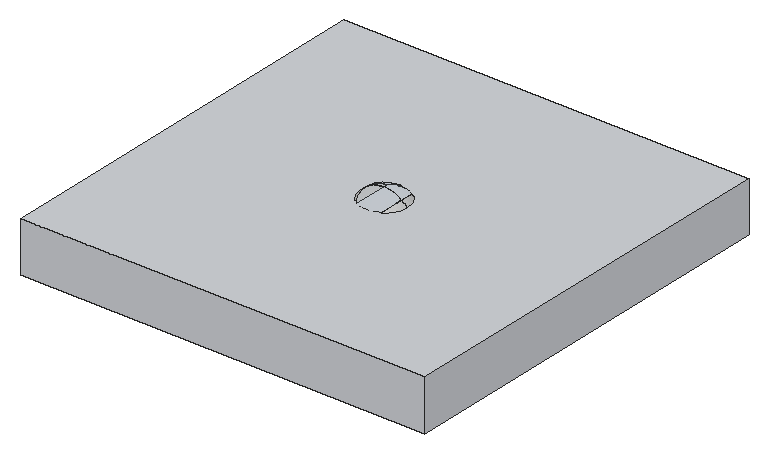
Revit family "GALAD Раунд LED", category Осветительные приборы, Revit 2018 (continued)
Types (3, lengths in mm): name | Файл фотометрической сетки | built-in parameter 1150142 | URL | IP | ADSK_Наименование краткое | ADSK_Наименование | ADSK_Марка | ADSK_Код изделия
  GALAD Раунд LED-9 ECO IP30 | "svetilnik GALAD raund LED-9 ECO IP30.ies" | "IESNA:LM-63-1995\r\n[TEST] Протокол №299R/20, ПАС\r\r\n[DATA]11.09.2020\r\r\n[MANUFAC] GALAD\r\r\n[LUMCAT]  \r\n[LUMINAIRE] Раунд LED-9 ECO IP30\r\r\n[LAMPCAT] \r\r\n[LAMP] LED 9 Вт \r\r\nTILT=NONE\r\n1     820 0.820 73 145 1 2 0.275 0.275 0.061\r\n1.0 1.0 9\r\n0.0 2.5 5.0 7.5 10.0 12.5 15.0 17.5 20.0 22.5 25.0 27.5 30.0 32.5 35.0 37.5 40.0 42.5 45.0 47.5 50.0 52.5 55.0 57.5 60.0 62.5 65.0 67.5 70.0 72.5 75.0 77.5 80.0 82.5 85.0 87.5 90.0 92.5 95.0 97.5 100.0 102.5 105.0 107.5 110.0 112.5 115.0 117.5 120.0 122.5 125.0 127.5 130.0 132.5 135.0 137.5 140.0 142.5 145.0 147.5 150.0 152.5 155.0 157.5 160.0 162.5 165.0 167.5 170.0 172.5 175.0 177.5 180.0\r\n0.0 2.5 5.0 7.5 10.0 12.5 15.0 17.5 20.0 22.5 25.0 27.5 30.0 32.5 35.0 37.5 40.0 42.5 45.0 47.5 50.0 52.5 55.0 57.5 60.0 62.5 65.0 67.5 70.0 72.5 75.0 77.5 80.0 82.5 85.0 87.5 90.0 92.5 95.0 97.5 100.0 102.5 105.0 107.5 110.0 112.5 115.0 117.5 120.0 122.5 125.0 127.5 130.0 132.5 135.0 137.5 140.0 142.5 145.0 147.5 150.0 152.5 155.0 157.5 160.0 162.5 165.0 167.5 170.0 172.5 175.0 177.5 180.0 182.5 185.0 187.5 190.0 192.5 195.0 197.5 200.0 202.5 205.0 207.5 210.0 212.5 215.0 217.5 220.0 222.5 225.0 227.5 230.0 232.5 235.0 237.5 240.0 242.5 245.0 247.5 250.0 252.5 255.0 257.5 260.0 262.5 265.0 267.5 270.0 272.5 275.0 277.5 280.0 282.5 285.0 287.5 290.0 292.5 295.0 297.5 300.0 302.5 305.0 307.5 310.0 312.5 315.0 317.5 320.0 322.5 325.0 327.5 330.0 332.5 335.0 337.5 340.0 342.5 345.0 347.5 350.0 352.5 355.0 357.5 360.0\r\n332.61 334.32 333.10 330.90 328.34 324.80 320.65 315.65 310.03 304.06 297.47 290.15 282.22 273.55 264.65 255.13 245.00 234.14 223.16 211.45 199.37 187.05 174.11 160.81 147.51 133.97 120.18 106.64 93.46 80.65 68.45 57.10 46.85 37.58 29.53 22.57 16.72 11.84 7.93 5.00 2.93 1.59 0.85 0.37 0.12 0.12 0.00 0.12 0.12 0.12 0.12 0.12 0.00 0.00 0.00 0.00 0.00 0.00 0.00 0.00 0.12 0.12 0.12 0.12 0.12 0.12 0.12 0.24 0.24 0.00 0.00 0.00 0.00 \r\n332.61 334.32 333.10 331.02 328.46 324.68 320.65 315.65 310.16 304.42 297.59 290.27 282.34 273.67 264.65 254.88 244.76 234.02 222.80 211.20 199.13 186.68 173.75 160.69 147.39 133.85 120.18 106.52 93.10 80.16 68.08 56.74 46.36 37.21 29.16 22.21 16.35 11.47 7.69 4.88 2.81 1.59 0.85 0.37 0.12 0.00 0.00 0.00 0.12 0.12 0.12 0.12 0.00 0.00 0.00 0.00 0.00 0.00 0.00 0.00 0.12 0.12 0.12 0.12 0.12 0.12 0.12 0.24 0.24 0.12 0.00 0.00 0.00 \r\n332.61 334.32 332.97 331.02 328.46 324.80 320.65 315.89 310.40 304.18 296.98 289.66 281.85 273.06 263.91 254.03 243.90 233.53 222.19 210.72 198.52 186.07 173.26 160.08 146.90 133.36 119.57 105.91 92.73 79.92 67.72 56.49 46.24 37.21 29.16 22.33 16.47 11.59 7.81 5.00 2.93 1.59 0.85 0.37 0.12 0.00 0.00 0.00 0.00 0.12 0.12 0.12 0.00 0.00 0.00 0.00 0.00 0.00 0.00 0.00 0.12 0.12 0.12 0.12 0.12 0.12 0.12 0.24 0.24 0.12 0.00 0.00 0.00 \r\n332.61 334.32 332.85 330.90 328.34 324.80 320.41 315.65 309.79 303.32 296.25 288.80 280.87 272.33 263.18 253.54 243.54 232.92 221.82 210.35 198.52 186.07 173.26 160.08 146.66 133.24 119.57 105.91 92.61 79.92 67.72 56.49 46.24 37.09 29.16 22.21 16.35 11.59 7.69 4.88 2.93 1.59 0.85 0.37 0.12 0.00 0.00 0.00 0.00 0.12 0.12 0.12 0.00 0.00 0.00 0.00 0.00 0.00 0.00 0.00 0.12 0.12 0.12 0.12 0.12 0.12 0.12 0.24 0.24 0.12 0.00 0.00 0.00 \r\n332.61 334.32 332.85 330.78 328.21 324.55 319.80 314.67 308.69 302.35 295.39 288.07 280.39 272.09 263.06 253.54 243.54 233.04 222.19 210.47 198.52 186.07 173.14 160.08 146.66 132.87 119.33 105.66 92.49 79.80 67.60 56.49 46.24 37.09 29.16 22.21 16.35 11.59 7.81 5.00 2.93 1.59 0.85 0.37 0.12 0.00 0.00 0.00 0.00 0.00 0.12 0.12 0.00 0.00 0.00 0.00 0.00 0.00 0.00 0.00 0.12 0.12 0.12 0.12 0.12 0.12 0.12 0.24 0.24 0.12 0.00 0.00 0.00 \r\n332.61 334.19 332.85 330.78 327.97 323.94 319.19 313.94 308.08 301.98 295.64 288.44 280.63 272.21 263.18 253.42 243.42 233.04 222.06 210.23 198.27 185.95 173.26 160.08 146.66 132.99 119.33 105.66 92.49 79.67 67.60 56.37 46.12 37.09 29.04 22.08 16.35 11.47 7.69 4.88 2.93 1.59 0.85 0.37 0.12 0.00 0.00 0.00 0.00 0.00 0.00 0.00 0.00 0.00 0.00 0.00 0.00 0.00 0.00 0.00 0.12 0.12 0.12 0.12 0.12 0.12 0.12 0.24 0.24 0.12 0.00 0.00 0.00 \r\n332.61 334.19 332.85 330.78 327.60 323.33 318.58 313.45 308.08 301.86 295.27 288.32 280.51 272.09 262.94 253.30 243.29 232.56 221.45 209.98 197.90 185.34 172.53 159.47 146.05 132.63 119.08 105.54 92.24 79.43 67.47 56.25 46.12 37.09 29.04 22.21 16.35 11.59 7.81 5.00 2.93 1.59 0.85 0.37 0.12 0.00 0.00 0.00 0.00 0.00 0.00 0.00 0.00 0.00 0.00 0.00 0.00 0.00 0.00 0.00 0.12 0.12 0.12 0.12 0.12 0.12 0.12 0.24 0.24 0.12 0.00 0.00 0.00 \r\n332.61 334.07 332.85 330.66 327.12 322.85 318.21 313.21 308.20 301.86 295.15 288.19 280.26 271.72 262.57 253.05 243.05 232.31 221.33 209.86 197.66 185.09 172.40 159.35 145.81 132.38 118.72 105.18 92.00 79.43 67.35 56.25 46.12 36.97 29.04 22.08 16.23 11.47 7.81 4.88 2.93 1.59 0.85 0.37 0.12 0.12 0.00 0.00 0.00 0.00 0.00 0.00 0.00 0.00 0.00 0.00 0.00 0.00 0.00 0.00 0.12 0.12 0.12 0.12 0.12 0.12 0.12 0.24 0.24 0.12 0.00 0.00 0.00 \r\n332.61 333.95 332.85 330.41 326.51 322.36 317.97 313.09 307.84 301.74 295.15 287.95 279.78 271.36 262.45 252.81 242.81 232.19 221.21 209.37 197.42 185.09 172.16 158.98 145.68 132.26 118.60 105.05 91.88 79.19 67.11 56.00 45.88 36.97 29.16 22.21 16.47 11.71 7.93 5.00 2.93 1.59 0.85 0.37 0.12 0.12 0.00 0.00 0.00 0.00 0.00 0.00 0.00 0.00 0.00 0.00 0.00 0.00 0.00 0.12 0.12 0.12 0.12 0.12 0.12 0.12 0.12 0.24 0.24 0.12 0.00 0.00 0.00 \r\n332.61 333.95 332.85 330.04 326.14 322.11 317.84 313.09 307.72 301.62 294.91 287.58 279.41 270.87 262.21 252.81 242.68 232.07 220.97 209.25 197.29 184.73 171.92 158.86 145.68 132.02 118.47 105.05 91.88 79.19 67.23 56.13 46.00 36.97 29.04 22.21 16.35 11.59 7.81 5.00 2.93 1.71 0.85 0.37 0.12 0.12 0.00 0.00 0.00 0.00 0.00 0.12 0.00 0.00 0.00 0.00 0.00 0.00 0.00 0.12 0.12 0.24 0.12 0.12 0.12 0.12 0.12 0.24 0.24 0.12 0.00 0.00 0.00 \r\n332.61 333.95 332.73 329.56 325.77 321.87 317.84 313.21 307.72 301.37 294.66 287.46 279.41 270.99 262.08 252.57 242.56 231.95 220.60 209.13 197.05 184.61 171.92 158.86 145.44 131.90 118.35 105.05 91.88 79.06 67.11 56.13 46.12 37.09 29.16 22.33 16.47 11.71 7.93 5.12 3.05 1.71 0.85 0.37 0.12 0.12 0.12 0.12 0.00 0.00 0.12 0.12 0.00 0.00 0.00 0.00 0.00 0.00 0.00 0.12 0.24 0.37 0.24 0.12 0.12 0.12 0.12 0.24 0.24 0.12 0.00 0.00 0.00 \r\n332.61 333.83 332.61 329.19 325.41 321.75 317.72 313.21 307.59 301.37 294.78 287.58 279.65 271.11 262.08 252.44 242.44 231.70 220.60 209.01 196.93 184.61 171.92 158.74 145.07 131.77 118.23 104.81 91.63 79.06 67.11 56.13 46.12 37.09 29.16 22.21 16.47 11.71 7.93 5.00 3.05 1.71 0.85 0.49 0.24 0.12 0.12 0.12 0.00 0.00 0.12 0.12 0.00 0.00 0.00 0.00 0.00 0.00 0.00 0.12 0.49 0.61 0.37 0.24 0.12 0.12 0.12 0.24 0.24 0.12 0.00 0.00 0.00 \r\n332.61 333.83 332.36 328.82 325.29 321.50 317.60 313.09 307.47 301.25 294.91 287.58 279.65 270.87 261.96 252.32 242.32 231.82 220.48 208.89 196.81 184.36 171.55 158.62 145.07 131.53 117.99 104.57 91.51 78.94 66.99 56.00 46.00 37.09 29.16 22.33 16.59 11.84 8.05 5.12 3.05 1.71 0.98 0.49 0.24 0.12 0.12 0.12 0.00 0.00 0.12 0.12 0.00 0.00 0.00 0.00 0.00 0.00 0.00 0.24 0.61 0.85 0.49 0.24 0.12 0.12 0.12 0.24 0.24 0.12 0.00 0.00 0.00 \r\n332.61 333.83 332.12 328.58 325.29 321.50 317.60 312.84 307.11 301.13 294.66 287.34 279.41 270.87 261.84 252.08 242.20 231.70 220.60 209.01 196.81 184.36 171.55 158.49 144.95 131.65 118.23 104.81 91.63 79.06 67.11 56.13 46.12 37.09 29.16 22.33 16.59 11.84 8.05 5.12 3.05 1.71 0.98 0.49 0.24 0.12 0.12 0.12 0.00 0.00 0.12 0.12 0.00 0.00 0.00 0.00 0.00 0.00 0.12 0.24 0.49 0.73 0.37 0.24 0.12 0.12 0.12 0.24 0.24 0.12 0.00 0.00 0.00 \r\n332.61 333.71 331.88 328.46 325.16 321.50 317.48 312.60 306.98 301.13 294.42 287.22 279.29 270.75 261.60 251.96 241.95 231.34 220.36 208.89 196.68 184.12 171.43 158.37 145.07 131.65 117.99 104.57 91.63 78.94 67.11 56.13 46.24 37.21 29.41 22.57 16.72 11.96 8.17 5.25 3.17 1.83 0.98 0.49 0.24 0.12 0.12 0.12 0.00 0.00 0.12 0.12 0.00 0.00 0.00 0.00 0.00 0.00 0.12 0.12 0.37 0.49 0.24 0.12 0.12 0.12 0.12 0.24 0.24 0.12 0.00 0.00 0.00 \r\n332.61 333.71 331.51 328.21 325.04 321.50 317.48 312.60 307.11 301.13 294.30 286.97 279.17 270.75 261.60 251.96 241.71 231.09 219.99 208.52 196.56 184.24 171.43 158.37 144.95 131.41 117.74 104.44 91.39 78.94 67.23 56.25 46.24 37.21 29.41 22.45 16.72 11.96 8.17 5.25 3.17 1.83 0.98 0.49 0.24 0.12 0.12 0.00 0.00 0.00 0.12 0.12 0.00 0.00 0.00 0.00 0.00 0.00 0.12 0.12 0.24 0.24 0.24 0.12 0.12 0.12 0.12 0.24 0.24 0.12 0.00 0.00 0.00 \r\n332.61 333.58 331.27 328.09 324.92 321.50 317.36 312.60 307.11 301.13 294.30 286.85 279.04 270.62 261.47 251.83 241.83 231.09 219.87 208.28 196.32 184.12 171.06 158.01 144.59 131.29 117.86 104.57 91.51 78.82 67.11 56.25 46.36 37.46 29.53 22.69 16.96 12.20 8.30 5.37 3.29 1.83 0.98 0.49 0.24 0.12 0.12 0.00 0.00 0.00 0.12 0.00 0.00 0.00 0.00 0.00 0.00 0.00 0.12 0.12 0.12 0.12 0.12 0.12 0.12 0.12 0.12 0.24 0.24 0.12 0.12 0.00 0.00 \r\n332.61 333.58 331.02 327.85 324.80 321.38 317.23 312.48 306.98 301.01 294.17 286.73 278.92 270.50 261.23 251.59 241.59 230.85 219.50 207.79 195.95 183.63 170.94 157.76 144.46 131.29 117.74 104.44 91.51 79.06 67.11 56.25 46.24 37.46 29.53 22.69 16.84 12.08 8.30 5.37 3.29 1.83 0.98 0.49 0.24 0.12 0.00 0.00 0.00 0.00 0.12 0.00 0.00 0.00 0.00 0.00 0.00 0.00 0.00 0.12 0.12 0.12 0.12 0.12 0.12 0.12 0.12 0.24 0.24 0.12 0.12 0.00 0.00 \r\n332.61 333.46 330.90 327.73 324.80 321.38 317.23 312.48 306.98 300.76 294.05 286.49 278.56 270.26 261.11 251.47 241.34 230.60 219.50 208.03 195.95 183.39 170.70 157.76 144.46 130.92 117.38 104.20 91.39 78.82 67.23 56.37 46.49 37.58 29.65 22.94 17.20 12.32 8.54 5.49 3.42 1.95 0.98 0.49 0.24 0.12 0.00 0.00 0.00 0.00 0.00 0.00 0.00 0.00 0.00 0.00 0.00 0.00 0.00 0.12 0.12 0.12 0.12 0.12 0.12 0.12 0.12 0.24 0.24 0.12 0.12 0.00 0.00 \r\n332.61 333.34 330.78 327.73 324.80 321.38 317.23 312.35 306.86 300.76 294.30 286.61 278.43 270.01 260.99 251.47 241.34 230.48 219.50 208.03 195.95 183.51 170.94 158.13 144.83 131.29 117.86 104.57 91.51 79.06 67.35 56.37 46.61 37.70 29.89 22.94 17.08 12.32 8.54 5.49 3.42 1.95 1.10 0.49 0.24 0.12 0.00 0.00 0.00 0.00 0.00 0.00 0.00 0.00 0.00 0.00 0.00 0.00 0.00 0.00 0.12 0.12 0.12 0.12 0.12 0.12 0.12 0.24 0.24 0.12 0.12 0.00 0.00 \r\n332.61 333.22 330.66 327.60 324.80 321.50 317.36 312.23 306.86 300.88 294.30 286.85 278.68 270.14 261.23 251.71 241.71 230.85 219.62 208.15 195.95 183.51 170.82 157.88 144.59 131.16 117.62 104.44 91.51 79.06 67.47 56.61 46.73 37.82 30.02 23.18 17.33 12.57 8.66 5.61 3.42 1.95 1.10 0.49 0.24 0.12 0.00 0.00 0.00 0.00 0.00 0.00 0.00 0.00 0.00 0.00 0.00 0.00 0.00 0.00 0.12 0.12 0.12 0.12 0.12 0.12 0.12 0.24 0.24 0.12 0.12 0.00 0.00 \r\n332.61 333.10 330.53 327.60 324.80 321.50 317.36 312.23 306.86 300.88 294.17 286.85 278.80 270.26 261.35 251.71 241.71 230.97 219.62 208.28 196.20 183.63 171.06 158.01 144.59 131.29 117.99 104.69 91.75 79.31 67.60 56.74 46.85 37.95 30.02 23.18 17.33 12.57 8.66 5.61 3.54 2.07 1.10 0.61 0.24 0.12 0.00 0.00 0.00 0.00 0.00 0.00 0.00 0.00 0.00 0.00 0.00 0.00 0.00 0.00 0.12 0.12 0.12 0.24 0.12 0.12 0.24 0.24 0.24 0.24 0.12 0.00 0.00 \r\n332.61 332.97 330.41 327.73 324.80 321.50 317.23 312.23 306.86 300.88 294.17 286.85 278.80 270.26 261.35 251.71 241.46 230.85 219.87 208.15 196.20 183.75 170.94 157.88 144.59 131.29 117.86 104.57 91.63 79.31 67.60 56.86 46.97 38.07 30.26 23.43 17.57 12.69 8.78 5.73 3.54 2.07 1.10 0.61 0.24 0.12 0.00 0.00 0.00 0.00 0.00 0.00 0.00 0.00 0.00 0.00 0.00 0.00 0.00 0.00 0.00 0.12 0.12 0.24 0.24 0.12 0.24 0.24 0.37 0.24 0.12 0.00 0.00 \r\n332.61 332.85 330.41 327.73 324.80 321.38 317.23 312.60 307.11 301.13 294.30 286.97 278.92 270.26 261.23 251.71 241.46 230.97 219.87 208.15 196.20 183.87 171.06 158.01 144.71 131.29 117.99 104.81 91.88 79.43 67.72 56.98 46.97 38.19 30.26 23.43 17.57 12.69 8.78 5.86 3.66 2.07 1.22 0.61 0.24 0.12 0.00 0.00 0.00 0.00 0.00 0.00 0.00 0.00 0.00 0.00 0.00 0.00 0.00 0.00 0.00 0.12 0.12 0.24 0.24 0.12 0.24 0.37 0.37 0.24 0.12 0.00 0.00 \r\n332.61 332.73 330.41 327.73 324.80 321.38 317.23 312.60 307.23 301.01 294.17 286.85 278.80 270.14 261.35 251.71 241.46 230.85 219.99 208.15 196.07 183.75 171.06 157.88 144.59 131.41 117.86 104.69 91.75 79.43 67.72 56.98 47.22 38.43 30.50 23.67 17.81 12.93 9.03 5.86 3.66 2.20 1.22 0.61 0.24 0.12 0.00 0.00 0.00 0.00 0.00 0.00 0.00 0.00 0.00 0.00 0.00 0.00 0.00 0.00 0.00 0.12 0.12 0.12 0.24 0.24 0.24 0.37 0.49 0.24 0.12 0.00 0.00 \r\n332.61 332.61 330.41 327.73 324.92 321.38 317.36 312.72 307.23 300.88 294.17 286.85 278.92 270.38 261.47 251.71 241.59 230.97 219.87 208.15 196.20 183.75 170.94 158.01 144.95 131.41 118.11 104.81 91.88 79.43 67.84 57.10 47.22 38.31 30.50 23.67 17.81 12.93 9.03 5.98 3.66 2.20 1.22 0.61 0.24 0.12 0.00 0.00 0.00 0.00 0.00 0.00 0.00 0.00 0.00 0.00 0.00 0.00 0.00 0.00 0.00 0.00 0.12 0.12 0.24 0.24 0.24 0.49 0.73 0.37 0.12 0.00 0.00 \r\n332.61 332.49 330.41 327.73 325.04 321.38 317.36 312.72 307.11 300.76 294.30 286.85 278.80 270.38 261.35 251.71 241.46 230.97 219.87 208.28 196.07 183.75 171.18 158.13 144.71 131.41 117.99 104.81 92.00 79.80 68.21 57.35 47.46 38.68 30.75 23.91 18.06 13.06 9.15 5.98 3.78 2.20 1.10 0.61 0.24 0.12 0.00 0.00 0.00 0.00 0.00 0.00 0.00 0.00 0.00 0.00 0.00 0.00 0.00 0.00 0.00 0.00 0.12 0.12 0.24 0.24 0.24 0.61 0.85 0.37 0.12 0.00 0.00 \r\n332.61 332.49 330.41 327.73 325.16 321.63 317.48 312.72 307.11 301.01 294.42 286.85 278.92 270.38 261.35 251.59 241.46 231.09 220.11 208.40 196.07 183.75 171.31 158.25 144.95 131.41 118.11 104.93 92.12 79.80 68.08 57.35 47.59 38.68 30.75 23.91 18.06 13.06 9.15 6.10 3.78 2.20 1.10 0.61 0.24 0.12 0.00 0.00 0.00 0.00 0.00 0.00 0.00 0.00 0.00 0.00 0.00 0.00 0.00 0.00 0.00 0.00 0.12 0.12 0.24 0.24 0.24 0.85 0.98 0.49 0.12 0.00 0.00 \r\n332.61 332.49 330.41 327.73 325.29 321.75 317.60 312.72 307.11 301.25 294.66 286.97 279.04 270.50 261.47 251.83 241.71 231.21 220.11 208.52 196.32 183.75 171.18 158.01 144.83 131.77 118.35 105.18 92.36 80.04 68.33 57.47 47.71 38.80 30.99 24.04 18.18 13.18 9.15 5.98 3.66 2.07 1.10 0.49 0.24 0.12 0.00 0.00 0.00 0.00 0.00 0.00 0.00 0.00 0.00 0.00 0.00 0.00 0.00 0.00 0.12 0.00 0.12 0.12 0.12 0.24 0.37 0.85 1.10 0.49 0.12 0.00 0.00 \r\n332.61 332.36 330.29 327.73 325.16 321.75 317.72 312.84 307.23 301.25 294.42 287.10 279.17 270.62 261.72 251.96 241.83 231.21 220.11 208.52 196.32 184.00 171.43 158.25 144.83 131.65 118.35 105.18 92.36 80.04 68.45 57.59 47.71 38.92 31.11 24.16 18.18 13.30 9.27 5.98 3.54 1.95 0.98 0.49 0.24 0.12 0.00 0.00 0.00 0.00 0.00 0.00 0.00 0.00 0.00 0.00 0.00 0.00 0.00 0.00 0.12 0.12 0.00 0.12 0.12 0.24 0.37 0.98 1.22 0.49 0.12 0.00 0.00 \r\n332.61 332.36 330.29 327.85 325.16 321.75 317.72 312.84 307.23 301.25 294.30 287.10 279.41 270.50 261.60 251.96 241.83 231.09 219.99 208.64 196.68 184.24 171.43 158.49 145.44 131.90 118.47 105.30 92.49 80.16 68.57 57.71 47.83 39.04 31.11 24.16 18.30 13.42 9.27 5.98 3.54 1.95 0.98 0.49 0.12 0.00 0.00 0.00 0.00 0.00 0.00 0.00 0.00 0.00 0.00 0.00 0.00 0.00 0.00 0.00 0.12 0.12 0.00 0.12 0.12 0.24 0.37 0.98 1.10 0.49 0.12 0.00 0.00 \r\n332.61 332.24 330.29 327.85 325.29 321.75 317.60 312.84 307.35 301.37 294.54 287.22 279.29 270.87 261.72 252.08 241.95 231.34 220.11 208.76 196.81 184.48 171.55 158.49 145.20 131.90 118.60 105.42 92.49 80.28 68.82 57.83 48.07 39.17 31.24 24.40 18.42 13.42 9.27 5.73 3.17 1.71 0.85 0.37 0.12 0.12 0.00 0.00 0.00 0.00 0.00 0.00 0.00 0.00 0.00 0.00 0.00 0.00 0.00 0.00 0.12 0.12 0.12 0.12 0.12 0.24 0.24 0.85 1.10 0.49 0.12 0.00 0.00 \r\n332.61 332.24 330.29 327.97 325.29 321.75 317.60 312.84 307.59 301.74 295.15 287.34 279.17 271.23 262.08 252.32 242.20 231.58 220.48 209.01 196.81 184.36 171.67 158.74 145.20 131.90 118.72 105.54 92.73 80.41 68.69 58.08 48.32 39.41 31.48 24.52 18.67 13.42 8.91 5.37 2.93 1.46 0.73 0.37 0.12 0.12 0.00 0.00 0.00 0.00 0.00 0.00 0.00 0.00 0.00 0.00 0.00 0.00 0.00 0.00 0.12 0.12 0.12 0.12 0.12 0.24 0.24 0.85 0.98 0.49 0.12 0.00 0.00 \r\n332.61 332.12 330.29 327.97 325.29 321.75 317.60 312.96 307.59 301.86 295.39 287.58 279.41 271.11 262
